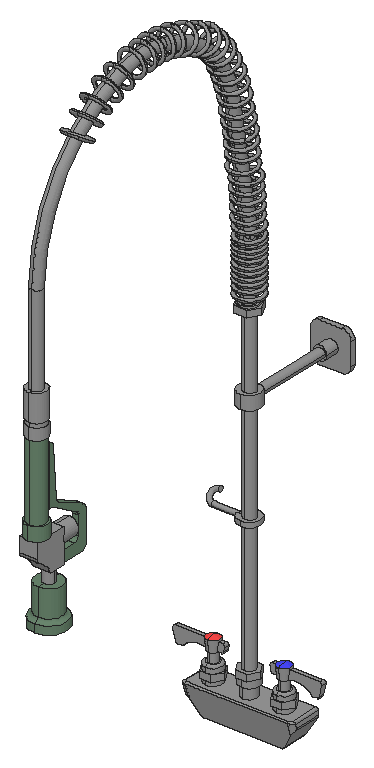
Revit family "Krowne_17-124WL_WallMount_Pre-Rinse_Faucet", category Plumbing Fixtures, Revit 2018
Family settings
  Round Connector Dimension = Use Diameter
  Part Type = Normal
  OmniClass Number = 23.40.40.00
  OmniClass Title = Food Service Equipment and Furnishings
  Work Plane-Based = No
  Always vertical = Yes
  Cut with Voids When Loaded = No
  Shared = No
  Room Calculation Point = No
Parameters (values of type "17-124WL")
  Width = 8 5/16"
  Weight in Pounds = 12
  Watermarked By = ""
  URL Cutsheet = ""
  URL = "https://krowne.com/"
  Status [instance] = ""
  Specification by User [instance] = ""
  Specification by Manufacturer [instance] = ""
  Serial Number [instance] = ""
  Revision Code [instance] = ""
  NAFEM Spec ID Number [instance] = ""
  Model = "17-124WL"
  Masterspec [instance] = ""
  Manufacturer = "Krowne Metal"
  Item Number [instance] = "-"
  Installed By [instance] = ""
  Hot Water Temperature = 100 °F
  Hot Water Size = 1/2"
  Hot Water RI Height [instance] = 0"
  Hot Water Flow = 1.15 GPM
  Hot Water Connection Height = 0"
  Height = 36"
  Furnished By [instance] = ""
  Foodservice Equipment Identifier = yes
  Description = "4\" Center Wall Mount Pre-Rinse"
  Depth = 4 1/4"
  Cold Water Size = 1/2"
  Cold Water RI Height [instance] = 0"
  Cold Water Flow = 1.15 GPM
  Cold Water Consumption = ""
  Cold Water Connection Height = 0"
  CSI MasterFormat = ""
  Assembly Code = "E1090300"
Reference planes (in)
  plane 1 "BACK": y = 0
  plane 2: z = 0
  plane 3 "CENTER L/R": x = -12.56573
  plane 4: y = -0.9375
  plane 5: y = -15
  plane 6 "CENTER L/S": x = -10.56573
  plane 7 "CENTER L/T": x = -14.56573
  plane 8 "CENTER L/U": x = -8.40948
  plane 9 "CENTER L/V": x = -16.72198
  plane 10: z = 9.75
  plane 11: z = 18
  plane 12: z = 37.75
  plane 13: z = 1.75
Forms (in)
  Blend 1, solid, material "QF_Steel-Chrome-Polished"
    base sketch origin (-0.1875, 0, 0) x (1, 0, 0) y (0, 1, 0)
      loop
        line (-15.50323, 0) -> (-15.50323, -1.125)
        arc (-15.50323, -1.125) -> (-15.43, -1.30178) -> (-15.25323, -1.375) r 0.25
        line (-15.25323, -1.375) -> (-9.50323, -1.375)
        arc (-9.50323, -1.375) -> (-9.32645, -1.30178) -> (-9.25323, -1.125) r 0.25
        line (-9.25323, -1.125) -> (-9.25323, 0) -> (-15.50323, 0)
    top sketch origin (-0.1875, 0, 0) x (1, 0, 0) y (0, 1, 0)
      loop
        line (-15.50323, 0) -> (-15.50323, -1.625)
        arc (-15.50323, -1.625) -> (-15.43, -1.80178) -> (-15.25323, -1.875) r 0.25
        line (-15.25323, -1.875) -> (-9.50323, -1.875)
        arc (-9.50323, -1.875) -> (-9.32645, -1.80178) -> (-9.25323, -1.625) r 0.25
        line (-9.25323, -1.625) -> (-9.25323, 0) -> (-15.50323, 0)
    from 0 to 1.75
  Extrusion 2, void
    sketch origin (-0.1875, 0, 0) x (1, 0, 0) y (0, 0, 1)
      loop
        line (-15.50323, 0) -> (-14.52299, 0)
        arc (-14.52299, 0) -> (-14.64278, 0.03057) -> (-14.73328, 0.11481) r 0.25
        line (-14.73328, 0.11481) -> (-15.46352, 1.25074)
        arc (-15.46352, 1.25074) -> (-15.49309, 1.31548) -> (-15.50323, 1.38593) r 0.25
        line (-15.50323, 1.38593) -> (-15.50323, 0)
      loop
        line (-9.25323, 0) -> (-9.25323, 1.38593)
        arc (-9.25323, 1.38593) -> (-9.26336, 1.31548) -> (-9.29293, 1.25074) r 0.25
        line (-9.29293, 1.25074) -> (-10.02317, 0.11481)
        arc (-10.02317, 0.11481) -> (-10.11367, 0.03057) -> (-10.23346, 0) r 0.25
        line (-10.23346, 0) -> (-9.25323, 0)
    from 0 to 1.875
  Sweep 3, void
    path in 3D
      loop
        line (-9.44073, 0, 1.75) -> (-9.44073, -1.625, 1.75)
        arc (-9.44073, -1.625, 1.75) -> (-9.51395, -1.80178, 1.75) -> (-9.69073, -1.875, 1.75) r 0.25
        line (-9.69073, -1.875, 1.75) -> (-15.44073, -1.875, 1.75)
        arc (-15.44073, -1.875, 1.75) -> (-15.6175, -1.80178, 1.75) -> (-15.69073, -1.625, 1.75) r 0.25
        line (-15.69073, -1.625, 1.75) -> (-15.69073, 0, 1.75)
    profile origin (-12.56573, -1.875, 1.75) x (0, -1, 0) y (0, 0, 1)
      loop
        line (0, 0) -> (-0.125, 0)
        arc (-0.125, 0) -> (-0.03661, -0.03661) -> (0, -0.125) r 0.125
        line (0, -0.125) -> (0, 0)
  Extrusion 4, solid, material "QF_Steel-Chrome-Polished"
    sketch origin (-0.21875, 0, 1.75) x (0, 1, 0) y (-1, 0, 0)
      loop
        circle (-0.9375, 14.37823) r 0.5
      loop
        circle (-0.9375, 10.37823) r 0.5
    from 0 to 0.25
  Extrusion 5, solid, material "QF_Steel-Chrome-Polished"
    sketch origin (-0.21875, 0, 2) x (0, 1, 0) y (-1, 0, 0)
      loop
        line (-0.9375, 13.74356) -> (-0.38786, 14.06089) -> (-0.38786, 14.69556) -> (-0.9375, 15.01289) -> (-1.48714, 14.69556) -> (-1.48714, 14.06089) -> (-0.9375, 13.74356)
      loop
        line (-0.9375, 9.74356) -> (-0.38786, 10.06089) -> (-0.38786, 10.69556) -> (-0.9375, 11.01289) -> (-1.48714, 10.69556) -> (-1.48714, 10.06089) -> (-0.9375, 9.74356)
    from 0 to 0.375
  Revolve 6, solid, material "QF_Steel-Chrome-Polished"
    sketch origin (-14.59698, 0, 0) x (0, 1, 0) y (0, 0, 1)
      loop
        line (-0.9375, 2.375) -> (-0.4375, 2.375) -> (-0.4375, 2.625)
        arc (-0.4375, 2.625) -> (-0.47411, 2.71339) -> (-0.5625, 2.75) r 0.125
        line (-0.5625, 2.75) -> (-0.9375, 2.75) -> (-0.9375, 2.375)
      axis (-0.9375, 2.375) -> (-0.9375, 2.75)
    angle from 0 to 360
  Revolve 7, solid, material "QF_Steel-Chrome-Polished"
    sketch origin (-10.59698, 0, 0) x (0, 1, 0) y (0, 0, 1)
      loop
        line (-0.9375, 2.375) -> (-0.4375, 2.375) -> (-0.4375, 2.625)
        arc (-0.4375, 2.625) -> (-0.47411, 2.71339) -> (-0.5625, 2.75) r 0.125
        line (-0.5625, 2.75) -> (-0.9375, 2.75) -> (-0.9375, 2.375)
      axis (-0.9375, 2.375) -> (-0.9375, 2.75)
    angle from 0 to 360
  Revolve 8, solid, material "QF_Steel-Chrome-Polished"
    sketch origin (-10.59698, 0, 0) x (0, 1, 0) y (0, 0, 1)
      loop
        line (-0.9375, 2.75) -> (-0.6875, 2.75) -> (-0.6875, 3.3125) -> (-0.9375, 3.3125) -> (-0.9375, 2.75)
      axis (-0.9375, 2.75) -> (-0.9375, 3.3125)
    angle from 0 to 360
  Revolve 9, solid, material "QF_Steel-Chrome-Polished"
    sketch origin (-14.59698, 0, 0) x (0, 1, 0) y (0, 0, 1)
      loop
        line (-0.9375, 2.75) -> (-0.6875, 2.75) -> (-0.6875, 3.3125) -> (-0.9375, 3.3125) -> (-0.9375, 2.75)
      axis (-0.9375, 2.75) -> (-0.9375, 3.3125)
    angle from 0 to 360
  Revolve 10, solid, material "QF_Steel-Chrome-Polished"
    sketch origin (-14.59698, 0, 0) x (0, 1, 0) y (0, 0, 1)
      loop
        line (-0.9375, 3.3125) -> (-0.625, 3.3125) -> (-0.5625, 3.9375) -> (-0.9375, 3.9375) -> (-0.9375, 3.3125)
      axis (-0.9375, 3.3125) -> (-0.9375, 3.9375)
    angle from 0 to 360
  Revolve 11, solid, material "QF_Steel-Chrome-Polished"
    sketch origin (-10.59698, 0, 0) x (0, 1, 0) y (0, 0, 1)
      loop
        line (-0.9375, 3.3125) -> (-0.625, 3.3125) -> (-0.5625, 3.9375) -> (-0.9375, 3.9375) -> (-0.9375, 3.3125)
      axis (-0.9375, 3.3125) -> (-0.9375, 3.9375)
    angle from 0 to 360
  Revolve 12, solid, material "QF_Plastic-Red"
    sketch origin (-14.59698, 0, 0) x (0, 1, 0) y (0, 0, 1)
      loop
        line (-0.9375, 3.9375) -> (-0.5625, 3.9375)
        arc (-0.5625, 3.9375) -> (-0.73829, 4.03513) -> (-0.9375, 4.0625) r 0.54601
        line (-0.9375, 4.0625) -> (-0.9375, 3.9375)
      axis (-0.9375, 3.9375) -> (-0.9375, 4.0625)
    angle from 0 to 360
  Revolve 13, solid, material "QF_Plastic-Blue"
    sketch origin (-10.59698, 0, 0) x (0, 1, 0) y (0, 0, 1)
      loop
        line (-0.9375, 3.9375) -> (-0.5625, 3.9375)
        arc (-0.5625, 3.9375) -> (-0.73829, 4.03513) -> (-0.9375, 4.0625) r 0.54601
        line (-0.9375, 4.0625) -> (-0.9375, 3.9375)
      axis (-0.9375, 3.9375) -> (-0.9375, 4.0625)
    angle from 0 to 360
  Extrusion 14, solid, material "QF_Steel-Chrome-Polished"
    sketch origin (-0.1875, -0.9375, 0) x (1, 0, 0) y (0, 0, 1)
      loop
        arc (-16.43825, 3.875) -> (-16.53492, 3.82925) -> (-16.56082, 3.72549) r 0.125
        line (-16.56082, 3.72549) -> (-16.43584, 3.10053)
        arc (-16.43584, 3.10053) -> (-16.39251, 3.02837) -> (-16.31326, 3.00004) r 0.125
        line (-16.31326, 3.00004) -> (-16.06338, 3.00004)
        arc (-16.06338, 3.00004) -> (-16.01059, 3.01173) -> (-15.96768, 3.04462) r 0.125
        arc (-15.96768, 3.04462) -> (-15.39497, 3.40979) -> (-14.7163, 3.38199) r 1.13354
        arc (-14.7163, 3.38199) -> (-14.69547, 3.37648) -> (-14.674, 3.37462) r 0.125
        line (-14.674, 3.37462) -> (-13.83077, 3.37462)
        arc (-13.83077, 3.37462) -> (-13.75152, 3.40295) -> (-13.7082, 3.47511) r 0.125
        line (-13.7082, 3.47511) -> (-13.65813, 3.72549)
        arc (-13.65813, 3.72549) -> (-13.68403, 3.82925) -> (-13.7807, 3.875) r 0.125
        line (-13.7807, 3.875) -> (-16.43825, 3.875)
      loop
        line (-8.3182, 3.875) -> (-10.97575, 3.875)
        arc (-10.97575, 3.875) -> (-11.07242, 3.82925) -> (-11.09832, 3.72549) r 0.125
        line (-11.09832, 3.72549) -> (-11.04825, 3.47511)
        arc (-11.04825, 3.47511) -> (-11.00493, 3.40295) -> (-10.92568, 3.37462) r 0.125
        line (-10.92568, 3.37462) -> (-10.08245, 3.37462)
        arc (-10.08245, 3.37462) -> (-10.06098, 3.37648) -> (-10.04015, 3.38199) r 0.125
        arc (-10.04015, 3.38199) -> (-9.36148, 3.40979) -> (-8.78877, 3.04462) r 1.13354
        arc (-8.78877, 3.04462) -> (-8.74586, 3.01173) -> (-8.69307, 3.00004) r 0.125
        line (-8.69307, 3.00004) -> (-8.44319, 3.00004)
        arc (-8.44319, 3.00004) -> (-8.36394, 3.02837) -> (-8.32061, 3.10053) r 0.125
        line (-8.32061, 3.10053) -> (-8.19563, 3.72549)
        arc (-8.19563, 3.72549) -> (-8.22153, 3.82925) -> (-8.3182, 3.875) r 0.125
    from -0.125 to 0.125
  Extrusion 15, solid, material "QF_Steel-Chrome-Polished"
    sketch origin (-0.1875, 0, 0) x (1, 0, 0) y (0, 0, 1)
      loop
        circle (-14.37823, 0.875) r 0.25
      loop
        circle (-10.37823, 0.875) r 0.25
    from 0 to -0.25
  Extrusion 16, solid, material "QF_Steel-Chrome-Polished"
    sketch origin (-12.56573, -0.93695, -0.09142) x (0, -1, 0) y (1, 0, 0)
      loop
        circle (0, 0) r 0.34
    from 3.21642 to 22.66293
  Revolve 17, solid, material "QF_Plastic-Hunter Green"
    sketch origin (-12.56573, -2.17856, -2.40078) x (0, -1, 0) y (0, 0, 1)
      loop
        line (13.735, 18.775) -> (14.36, 18.775) -> (14.36, 19.525) -> (14.235, 19.525) -> (14.235, 23.8375) -> (13.735, 23.8375) -> (13.735, 18.775)
      axis (13.735, 18.775) -> (13.735, 23.8375)
    angle from 0 to 360
  Sweep 18, solid, material "QF_Steel-Chrome-Polished"
    path origin (-12.56573, -0.93695, -0.09142) x (0, -1, 0) y (0, 0, 1)
      loop
        line (14.97661, 23.90314) -> (14.97661, 28.97682)
        arc (14.97661, 28.97682) -> (13.32386, 34.08275) -> (8.99261, 37.25171) r 8.71341
        arc (8.99261, 37.25171) -> (7.63531, 37.49897) -> (6.2621, 37.36589) r 5
        arc (6.2621, 37.36589) -> (5.2285, 37.04462) -> (4.2465, 36.58942) r 8.16291
        arc (4.2465, 36.58942) -> (2.24397, 34.81418) -> (1.21248, 32.34486) r 6
        line (1.21248, 32.34486) -> (0.0873, 25.82095)
        arc (0.0873, 25.82095) -> (0.02186, 25.31293) -> (0, 24.80118) r 6
        line (0, 24.80118) -> (0, 22.66293)
    profile origin (-12.56573, -15.91356, 26.34856) x (0, 1, 0) y (-1, 0, 0)
      loop
        circle (0, 0) r 0.33984
  Sweep 19, solid, material "QF_Steel-Chrome-Polished"
    path origin (-12.56573, 8.55153, 20.47393) x (1, 0, 0) y (0, -0.694658, -0.71934)
      loop
        line (-0.03125, 13.66) -> (-2.03125, 13.66)
        arc (-2.03125, 13.66) -> (-2.40625, 13.285) -> (-2.03125, 12.91) r 0.375
    profile origin (-13.59698, -0.9375, 10.64775) x (0, 0.694658, 0.71934) y (0, 0.71934, -0.694658)
      loop
        circle (0, 0) r 0.125
  Sweep 20, solid, material "QF_Steel-Chrome-Polished"
    path origin (-12.56573, -29.49856, -2.40078) x (0, 1, 0) y (0, 0, -1)
      loop
        line (14.46, -16.8375) -> (14.46, -16.0875)
    profile origin (-12.56573, -15.03856, 14.06172) x (-1, 0, 0) y (0, -1, 0)
      loop
        circle (0, 0) r 0.3125
  Revolve 21, solid, material "QF_Plastic-Hunter Green"
    sketch origin (-12.56573, -29.49856, -2.40078) x (0, 1, 0) y (0, 0, -1)
      loop
        line (14.46, -16.0875) -> (15.21, -16.0875) -> (15.21, -14.5875)
        arc (15.21, -14.5875) -> (15.28322, -14.41072) -> (15.46, -14.3375) r 0.25
        line (15.46, -14.3375) -> (15.46, -13.9) -> (14.46, -13.9) -> (14.46, -16.0875)
      axis (14.46, -13.9) -> (14.46, -16.0875)
    angle from 0 to 360
  Extrusion 22, solid, material "QF_Plastic-Hunter Green"
    sketch origin (-12.56573, -29.49856, -2.40078) x (0, 1, 0) y (0, 0, -1)
      loop
        arc (15.335, -16.71016) -> (15.02261, -17.01446) -> (15.31861, -17.33473) r 0.3125
        line (15.31861, -17.33473) -> (16.06861, -17.33473)
        arc (16.06861, -17.33473) -> (16.24539, -17.40795) -> (16.31861, -17.58473) r 0.25
        line (16.31861, -17.58473) -> (16.31861, -18.62984)
        arc (16.31861, -18.62984) -> (16.28585, -18.75357) -> (16.19614, -18.84486) r 0.25
        line (16.19614, -18.84486) -> (14.5225, -19.8375) -> (14.2725, -19.8375) -> (14.2725, -23.15)
        arc (14.2725, -23.15) -> (14.44928, -23.07678) -> (14.5225, -22.9) r 0.25
        line (14.5225, -22.9) -> (14.73264, -20.16098)
        arc (14.73264, -20.16098) -> (14.77513, -20.0396) -> (14.87232, -19.9554) r 0.25
        line (14.87232, -19.9554) -> (16.56935, -19.12771)
        arc (16.56935, -19.12771) -> (16.77419, -18.94327) -> (16.85017, -18.67831) r 0.5
        line (16.85017, -18.67831) -> (16.85017, -16.97532) -> (16.585, -16.71016) -> (15.335, -16.71016)
    from -0.17817 to 0.15894
  Revolve 23, solid, material "QF_Steel-Chrome-Polished"
    sketch origin (-12.56573, -29.49856, -2.40078) x (0, 1, 0) y (0, 0, -1)
      loop
        line (14.8975, -18.7125) -> (15.8975, -18.7125) -> (15.8975, -18.4625) -> (16.0225, -18.4625) -> (16.0225, -18.2125) -> (14.8975, -18.2125) -> (14.8975, -18.7125)
      axis (16.0225, -18.2125) -> (14.8975, -18.2125)
    angle from 0 to 360
  Sweep 24, solid, material "QF_Steel-Chrome-Polished"
    path origin (-12.56573, -0.93695, 22.00108) x (0, -1, 0) y (1, 0, 0)
      loop
        circle (0, 0) r 0.72
    profile origin (-11.84573, -0.93695, 22.00108) x (-1, 0, 0) y (0, 0, 1)
      loop
        circle (0, 0) r 0.08178
  Sweep 25, solid, material "QF_Steel-Chrome-Polished"
    path origin (-12.56573, -0.93695, 22.75108) x (0, -1, 0) y (1, 0, 0)
      loop
        circle (0, 0) r 0.72
    profile origin (-11.84573, -0.93695, 22.75108) x (-1, 0, 0) y (0, 0, 1)
      loop
        circle (0, 0) r 0.08178
  Sweep 26, solid, material "QF_Steel-Chrome-Polished"
    path origin (-12.56573, -0.93695, 23.31358) x (0, -1, 0) y (1, 0, 0)
      loop
        circle (0, 0) r 0.72
    profile origin (-11.84573, -0.93695, 23.31358) x (-1, 0, 0) y (0, 0, 1)
      loop
        circle (0, 0) r 0.08178
  Sweep 27, solid, material "QF_Steel-Chrome-Polished"
    path origin (-12.56573, -0.93695, 23.93858) x (0, -1, 0) y (1, 0, 0)
      loop
        circle (0, 0) r 0.72
    profile origin (-11.84573, -0.93695, 23.93858) x (-1, 0, 0) y (0, 0, 1)
      loop
        circle (0, 0) r 0.08178
  Sweep 28, solid, material "QF_Steel-Chrome-Polished"
    path origin (-12.56573, -0.93695, 24.43858) x (0, -1, 0) y (1, 0, 0)
      loop
        circle (0, 0) r 0.72
    profile origin (-11.84573, -0.93695, 24.43858) x (-1, 0, 0) y (0, 0, 1)
      loop
        circle (0, 0) r 0.08178
  Sweep 29, solid, material "QF_Steel-Chrome-Polished"
    path origin (-12.56573, -0.93695, 24.93858) x (0, -0.997564, -0.069756) y (1, 0, 0)
      loop
        circle (0, 0) r 0.72
    profile origin (-11.84573, -0.93695, 24.93858) x (-1, 0, 0) y (0, -0.069756, 0.997564)
      loop
        circle (0, 0) r 0.08178
  Sweep 30, solid, material "QF_Steel-Chrome-Polished"
    path origin (-12.56573, -0.93695, 25.43858) x (0, -0.99863, -0.052336) y (1, 0, 0)
      loop
        circle (0, 0) r 0.72
    profile origin (-11.84573, -0.93695, 25.43858) x (-1, 0, 0) y (0, -0.052336, 0.99863)
      loop
        circle (0, 0) r 0.08178
  Sweep 31, solid, material "QF_Steel-Chrome-Polished"
    path origin (-12.56573, -1.02378, 25.93098) x (0, -0.997564, -0.069756) y (1, 0, 0)
      loop
        circle (0, 0) r 0.72
    profile origin (-11.84573, -1.02378, 25.93098) x (-1, 0, 0) y (0, -0.069756, 0.997564)
      loop
        circle (0, 0) r 0.08178
  Sweep 32, solid, material "QF_Steel-Chrome-Polished"
    path origin (-12.56573, -1.04407, 26.4384) x (0, -0.997564, -0.069756) y (1, 0, 0)
      loop
        circle (0, 0) r 0.72
    profile origin (-11.84573, -1.04407, 26.4384) x (-1, 0, 0) y (0, -0.069756, 0.997564)
      loop
        circle (0, 0) r 0.08178
  Sweep 33, solid, material "QF_Steel-Chrome-Polished"
    path origin (-12.56573, -1.06437, 26.94581) x (0, -0.997564, -0.069756) y (1, 0, 0)
      loop
        circle (0, 0) r 0.72
    profile origin (-11.84573, -1.06437, 26.94581) x (-1, 0, 0) y (0, -0.069756, 0.997564)
      loop
        circle (0, 0) r 0.08178
  Sweep 34, solid, material "QF_Steel-Chrome-Polished"
    path origin (-12.56573, -1.12526, 27.45323) x (0, -0.997564, -0.069756) y (1, 0, 0)
      loop
        circle (0, 0) r 0.72
    profile origin (-11.84573, -1.12526, 27.45323) x (-1, 0, 0) y (0, -0.069756, 0.997564)
      loop
        circle (0, 0) r 0.08178
  Sweep 35, solid, material "QF_Steel-Chrome-Polished"
    path origin (-12.56573, -1.14556, 27.98094) x (0, -0.997564, -0.069756) y (1, 0, 0)
      loop
        circle (0, 0) r 0.72
    profile origin (-11.84573, -1.14556, 27.98094) x (-1, 0, 0) y (0, -0.069756, 0.997564)
      loop
        circle (0, 0) r 0.08178
  Sweep 36, solid, material "QF_Steel-Chrome-Polished"
    path origin (-12.56573, -1.36705, 28.65073) x (0, -0.992546, -0.121869) y (1, 0, 0)
      loop
        circle (0, 0) r 0.72
    profile origin (-11.84573, -1.36705, 28.65073) x (-1, 0, 0) y (0, -0.121869, 0.992546)
      loop
        circle (0, 0) r 0.08178
  Sweep 37, solid, material "QF_Steel-Chrome-Polished"
    path origin (-12.56573, -1.40764, 29.27993) x (0, -0.997564, -0.069756) y (1, 0, 0)
      loop
        circle (0, 0) r 0.72
    profile origin (-11.84573, -1.40764, 29.27993) x (-1, 0, 0) y (0, -0.069756, 0.997564)
      loop
        circle (0, 0) r 0.08178
  Sweep 38, solid, material "QF_Steel-Chrome-Polished"
    path origin (-12.56573, -1.48883, 29.88882) x (0, -0.987688, -0.156434) y (1, 0, 0)
      loop
        circle (0, 0) r 0.72
    profile origin (-11.84573, -1.48883, 29.88882) x (-1, 0, 0) y (0, -0.156434, 0.987688)
      loop
        circle (0, 0) r 0.08178
  Sweep 39, solid, material "QF_Steel-Chrome-Polished"
    path origin (-12.56573, -1.52942, 30.41654) x (0, -0.978148, -0.207912) y (1, 0, 0)
      loop
        circle (0, 0) r 0.72
    profile origin (-11.84573, -1.52942, 30.41654) x (-1, 0, 0) y (0, -0.207912, 0.978148)
      loop
        circle (0, 0) r 0.08178
  Sweep 40, solid, material "QF_Steel-Chrome-Polished"
    path origin (-12.56573, -1.66755, 31.06112) x (0, -0.984808, -0.173648) y (1, 0, 0)
      loop
        circle (0, 0) r 0.72
    profile origin (-11.84573, -1.66755, 31.06112) x (-1, 0, 0) y (0, -0.173648, 0.984808)
      loop
        circle (0, 0) r 0.08178
  Sweep 41, solid, material "QF_Steel-Chrome-Polished"
    path origin (-12.56573, -1.83637, 31.69035) x (0, -0.990268, -0.139173) y (1, 0, 0)
      loop
        circle (0, 0) r 0.72
    profile origin (-11.84573, -1.83637, 31.69035) x (-1, 0, 0) y (0, -0.139173, 0.990268)
      loop
        circle (0, 0) r 0.08178
  Sweep 42, solid, material "QF_Steel-Chrome-Polished"
    path origin (-12.56573, -1.95696, 32.41167) x (0, -0.978148, -0.207912) y (1, 0, 0)
      loop
        circle (0, 0) r 0.72
    profile origin (-11.84573, -1.95696, 32.41167) x (-1, 0, 0) y (0, -0.207912, 0.978148)
      loop
        circle (0, 0) r 0.08178
  Sweep 43, solid, material "QF_Steel-Chrome-Polished"
    path origin (-12.56573, -2.1511, 33.06469) x (0, -0.978148, -0.207912) y (1, 0, 0)
      loop
        circle (0, 0) r 0.72
    profile origin (-11.84573, -2.1511, 33.06469) x (-1, 0, 0) y (0, -0.207912, 0.978148)
      loop
        circle (0, 0) r 0.08178
  Sweep 44, solid, material "QF_Steel-Chrome-Polished"
    path origin (-12.56573, -2.39009, 33.73536) x (0, -0.951057, -0.309017) y (1, 0, 0)
      loop
        circle (0, 0) r 0.72
    profile origin (-11.84573, -2.39009, 33.73536) x (-1, 0, 0) y (0, -0.309017, 0.951057)
      loop
        circle (0, 0) r 0.08178
  Sweep 45, solid, material "QF_Steel-Chrome-Polished"
    path origin (-12.56573, -2.71733, 34.42368) x (0, -0.927184, -0.374607) y (1, 0, 0)
      loop
        circle (0, 0) r 0.72
    profile origin (-11.84573, -2.71733, 34.42368) x (-1, 0, 0) y (0, -0.374607, 0.927184)
      loop
        circle (0, 0) r 0.08178
  Sweep 46, solid, material "QF_Steel-Chrome-Polished"
    path origin (-12.56573, -3.07032, 35.09435) x (0, -0.848048, -0.529919) y (1, 0, 0)
      loop
        circle (0, 0) r 0.72
    profile origin (-11.84573, -3.07032, 35.09435) x (-1, 0, 0) y (0, -0.529919, 0.848048)
      loop
        circle (0, 0) r 0.08178
  Sweep 47, solid, material "QF_Steel-Chrome-Polished"
    path origin (-12.56573, -3.51155, 35.62383) x (0, -0.745676, -0.666309) y (1, 0, 0)
      loop
        circle (0, 0) r 0.72
    profile origin (-11.84573, -3.51155, 35.62383) x (-1, 0, 0) y (0, -0.666309, 0.745676)
      loop
        circle (0, 0) r 0.08178
  Sweep 48, solid, material "QF_Steel-Chrome-Polished"
    path origin (-12.56573, -4.02338, 36.11801) x (0, -0.632262, -0.774755) y (1, 0, 0)
      loop
        circle (0, 0) r 0.72
    profile origin (-11.84573, -4.02338, 36.11801) x (-1, 0, 0) y (0, -0.774755, 0.632262)
      loop
        circle (0, 0) r 0.08178
  Sweep 49, solid, material "QF_Steel-Chrome-Polished"
    path origin (-12.56573, -4.72125, 36.49674) x (0, -0.434326, -0.900756) y (1, 0, 0)
      loop
        circle (0, 0) r 0.72
    profile origin (-11.84573, -4.72125, 36.49674) x (-1, 0, 0) y (0, -0.900756, 0.434326)
      loop
        circle (0, 0) r 0.08178
  Sweep 50, solid, material "QF_Steel-Chrome-Polished"
    path origin (-12.56573, -5.61326, 36.87547) x (0, -0.434326, -0.900756) y (1, 0, 0)
      loop
        circle (0, 0) r 0.72
    profile origin (-11.84573, -5.61326, 36.87547) x (-1, 0, 0) y (0, -0.900756, 0.434326)
      loop
        circle (0, 0) r 0.08178
  Sweep 51, solid, material "QF_Steel-Chrome-Polished"
    path origin (-12.56573, -6.44278, 37.15786) x (0, -0.134719, -0.990884) y (1, 0, 0)
      loop
        circle (0, 0) r 0.72
    profile origin (-11.84573, -6.44278, 37.15786) x (-1, 0, 0) y (0, -0.990884, 0.134719)
      loop
        circle (0, 0) r 0.08178
  Sweep 52, solid, material "QF_Steel-Chrome-Polished"
    path origin (-12.56573, -7.1311, 37.2814) x (0, -0.065271, -0.997868) y (1, 0, 0)
      loop
        circle (0, 0) r 0.72
    profile origin (-11.84573, -7.1311, 37.2814) x (-1, 0, 0) y (0, -0.997868, 0.065271)
      loop
        circle (0, 0) r 0.08178
  Sweep 53, solid, material "QF_Steel-Chrome-Polished"
    path origin (-12.56573, -7.86281, 37.34245) x (0, 0.027071, -0.999634) y (1, 0, 0)
      loop
        circle (0, 0) r 0.72
    profile origin (-11.84573, -7.86281, 37.34245) x (-1, 0, 0) y (0, -0.999634, -0.027071)
      loop
        circle (0, 0) r 0.08178
  Sweep 54, solid, material "QF_Steel-Chrome-Polished"
    path origin (-12.56573, -13.02743, 35.24782) x (0, 0.848048, -0.529919) y (-1, 0, 0)
      loop
        circle (0, 0) r 0.72
    profile origin (-11.84573, -13.02743, 35.24782) x (1, 0, 0) y (0, 0.529919, 0.848048)
      loop
        circle (0, 0) r 0.08178
  Sweep 55, solid, material "QF_Steel-Chrome-Polished"
    path origin (-12.56573, -12.38669, 35.85404) x (0, 0.745676, -0.666309) y (-1, 0, 0)
      loop
        circle (0, 0) r 0.72
    profile origin (-11.84573, -12.38669, 35.85404) x (1, 0, 0) y (0, 0.666309, 0.745676)
      loop
        circle (0, 0) r 0.08178
  Sweep 56, solid, material "QF_Steel-Chrome-Polished"
    path origin (-12.56573, -11.72472, 36.30551) x (0, 0.632262, -0.774755) y (-1, 0, 0)
      loop
        circle (0, 0) r 0.72
    profile origin (-11.84573, -11.72472, 36.30551) x (1, 0, 0) y (0, 0.774755, 0.632262)
      loop
        circle (0, 0) r 0.08178
  Sweep 57, solid, material "QF_Steel-Chrome-Polished"
    path origin (-12.56573, -10.9331, 36.68424) x (0, 0.434326, -0.900756) y (-1, 0, 0)
      loop
        circle (0, 0) r 0.72
    profile origin (-11.84573, -10.9331, 36.68424) x (1, 0, 0) y (0, 0.900756, 0.434326)
      loop
        circle (0, 0) r 0.08178
  Sweep 58, solid, material "QF_Steel-Chrome-Polished"
    path origin (-12.56573, -10.10358, 36.96922) x (0, 0.386588, -0.922252) y (-1, 0, 0)
      loop
        circle (0, 0) r 0.72
    profile origin (-11.84573, -10.10358, 36.96922) x (1, 0, 0) y (0, 0.922252, 0.386588)
      loop
        circle (0, 0) r 0.08178
  Sweep 59, solid, material "QF_Steel-Chrome-Polished"
    path origin (-12.56573, -9.18032, 37.22036) x (0, 0.134719, -0.990884) y (-1, 0, 0)
      loop
        circle (0, 0) r 0.72
    profile origin (-11.84573, -9.18032, 37.22036) x (1, 0, 0) y (0, 0.990884, 0.134719)
      loop
        circle (0, 0) r 0.08178
  Sweep 60, solid, material "QF_Steel-Chrome-Polished"
    path origin (-12.56573, -8.4295, 37.2814) x (0, 0.065271, -0.997868) y (-1, 0, 0)
      loop
        circle (0, 0) r 0.72
    profile origin (-11.84573, -8.4295, 37.2814) x (1, 0, 0) y (0, 0.997868, 0.065271)
      loop
        circle (0, 0) r 0.08178
  Sweep 61, solid, material "QF_Steel-Chrome-Polished"
    path origin (-12.56573, -0.93695, 22.38845) x (0, -1, 0) y (1, 0, 0)
      loop
        circle (0, 0) r 0.72
    profile origin (-11.84573, -0.93695, 22.38845) x (-1, 0, 0) y (0, 0, 1)
      loop
        circle (0, 0) r 0.08178
  Sweep 62, solid, material "QF_Steel-Chrome-Polished"
    path origin (-12.56573, -0.93695, 23.01345) x (0, -1, 0) y (1, 0, 0)
      loop
        circle (0, 0) r 0.72
    profile origin (-11.84573, -0.93695, 23.01345) x (-1, 0, 0) y (0, 0, 1)
      loop
        circle (0, 0) r 0.08178
  Sweep 63, solid, material "QF_Steel-Chrome-Polished"
    path origin (-12.56573, -0.93695, 23.57595) x (0, -1, 0) y (1, 0, 0)
      loop
        circle (0, 0) r 0.72
    profile origin (-11.84573, -0.93695, 23.57595) x (-1, 0, 0) y (0, 0, 1)
      loop
        circle (0, 0) r 0.08178
  Sweep 64, solid, material "QF_Steel-Chrome-Polished"
    path origin (-12.56573, -0.93695, 24.20095) x (0, -1, 0) y (1, 0, 0)
      loop
        circle (0, 0) r 0.72
    profile origin (-11.84573, -0.93695, 24.20095) x (-1, 0, 0) y (0, 0, 1)
      loop
        circle (0, 0) r 0.08178
  Sweep 65, solid, material "QF_Steel-Chrome-Polished"
    path origin (-12.56573, -0.93695, 24.70095) x (0, -1, 0) y (1, 0, 0)
      loop
        circle (0, 0) r 0.72
    profile origin (-11.84573, -0.93695, 24.70095) x (-1, 0, 0) y (0, 0, 1)
      loop
        circle (0, 0) r 0.08178
  Extrusion 66, solid, material "QF_Steel-Chrome-Polished"
    sketch origin (-0.21875, -0.9375, 16.40858) x (0, 1, 0) y (-1, 0, 0)
      loop
        circle (0.00055, 12.34698) r 0.625
      loop
        circle (0.00055, 12.34698) r 0.34
    from 0 to 0.75
  Extrusion 67, solid, material "QF_Steel-Chrome-Polished"
    sketch origin (-0.1875, 5.0625, -0.09142) x (1, 0, 0) y (0, 0, 1)
      loop
        line (-11.75323, 18) -> (-13.00323, 18)
        arc (-13.00323, 18) -> (-13.35678, 17.85355) -> (-13.50323, 17.5) r 0.5
        line (-13.50323, 17.5) -> (-13.50323, 16.25)
        arc (-13.50323, 16.25) -> (-13.35678, 15.89645) -> (-13.00323, 15.75) r 0.5
        line (-13.00323, 15.75) -> (-11.75323, 15.75)
        arc (-11.75323, 15.75) -> (-11.39967, 15.89645) -> (-11.25323, 16.25) r 0.5
        line (-11.25323, 16.25) -> (-11.25323, 17.5)
        arc (-11.25323, 17.5) -> (-11.39967, 17.85355) -> (-11.75323, 18) r 0.5
    from 0 to 0.25
  Extrusion 68, solid, material "QF_Steel-Chrome-Polished"
    sketch origin (-0.1875, 4.8125, -0.09142) x (1, 0, 0) y (0, 0, 1)
      loop
        circle (-12.37823, 16.875) r 0.375
    from 0 to 0.75
  Extrusion 69, solid, material "QF_Steel-Chrome-Polished"
    sketch origin (-0.1875, 4.0625, -0.09142) x (1, 0, 0) y (0, 0, 1)
      loop
        circle (-12.37823, 16.875) r 0.25
    from 0 to 4.5
  Extrusion 70, solid, material "QF_Steel-Chrome-Polished"
    sketch origin (-12.59698, -0.9375, -1.05937) x (0, 1, 0) y (0, 0, 1)
      loop
        line (-13.66356, 15.4961) -> (-13.66356, 17.4336) -> (-15.47606, 17.4336) -> (-15.47606, 16.5586)
        arc (-15.47606, 16.5586) -> (-15.44221, 16.43298) -> (-15.34983, 16.34139) r 0.25
        arc (-15.34983, 16.34139) -> (-14.88291, 15.97756) -> (-14.53856, 15.4961) r 2.0625
        line (-14.53856, 15.4961) -> (-13.66356, 15.4961)
    from -0.5 to 0.5
  Revolve 71, solid, material "QF_Steel-Chrome-Polished"
    sketch origin (-12.56573, -2.17856, -2.40078) x (0, -1, 0) y (0, 0, 1)
      loop
        line (13.735, 23.8375) -> (14.2975, 23.8375) -> (14.2975, 24.4625) -> (14.235, 24.4625) -> (14.235, 24.7125) -> (14.2975, 24.7125) -> (14.2975, 26.2125) -> (13.735, 26.2125) -> (13.735, 23.8375)
      axis (13.735, 23.8375) -> (13.735, 26.2125)
    angle from 0 to 360
  Extrusion 72, solid, material "QF_Steel-Chrome-Polished"
    sketch origin (-0.21875, -0.9375, 10.51528) x (0, 1, 0) y (-1, 0, 0)
      loop
        circle (0.00055, 12.34698) r 0.625
      loop
        circle (0.00055, 12.34698) r 0.34
    from 0 to 0.25
  Extrusion 73, solid, material "QF_Steel-Chrome-Polished"
    sketch origin (0, 0, 1.75) x (0, 1, 0) y (-1, 0, 0)
      loop
        circle (-0.9375, 12.56573) r 0.4375
    from 0 to 0.625
  Extrusion 74, solid, material "QF_Steel-Chrome-Polished"
    sketch origin (0, 0, 2.375) x (0, 1, 0) y (-1, 0, 0)
      loop
        circle (-0.9375, 12.56573) r 0.5625
    from 0 to 0.375
  Extrusion 75, solid, material "QF_Steel-Chrome-Polished"
    sketch origin (0, 0, 2.75) x (0, 1, 0) y (-1, 0, 0)
      loop
        line (-0.9375, 11.91391) -> (-0.37301, 12.23982) -> (-0.37301, 12.89163) -> (-0.9375, 13.21754) -> (-1.50199, 12.89163) -> (-1.50199, 12.23982) -> (-0.9375, 11.91391)
    from 0 to 0.375
  Extrusion 76, solid, material "QF_Steel-Chrome-Polished"
    sketch origin (0, 0, 21.15222) x (0, 1, 0) y (-1, 0, 0)
      loop
        line (-0.9375, 11.84174) -> (-0.31051, 12.20373) -> (-0.31051, 12.92772) -> (-0.9375, 13.28971) -> (-1.56449, 12.92772) -> (-1.56449, 12.20373) -> (-0.9375, 11.84174)
    from 0 to 0.375
  Revolve 77, solid, material "QF_Steel-Chrome-Polished"
    sketch origin (-12.59698, 0, 19.15222) x (0, 1, 0) y (0, 0, 1)
      loop
        line (-0.9375, 2.375) -> (-0.37, 2.375) -> (-0.37, 2.45122) -> (-0.5625, 2.45122) -> (-0.5625, 3.95122) -> (-0.9375, 3.95122) -> (-0.9375, 2.375)
      loop
        line (-0.5625, 5.93198) -> (-0.9375, 5.93198) -> (-0.9375, 5.01593) -> (-0.5625, 5.01593) -> (-0.5625, 5.93198)
      axis (-0.9375, 2.375) -> (-0.9375, 5.93198)
    angle from 0 to 360
  Extrusion 78, solid, material "QF_Steel-Chrome-Polished"
    sketch origin (0, 0, 22.91594) x (0, 1, 0) y (-1, 0, 0)
      loop
        line (-0.9375, 12.05825) -> (-0.49801, 12.31199) -> (-0.49801, 12.81946) -> (-0.9375, 13.0732) -> (-1.37699, 12.81946) -> (-1.37699, 12.31199) -> (-0.9375, 12.05825)
    from 0.1875 to 1.25221
Cuts and joins
  Extrusion 2, Sweep 3 cuts Blend 1
Lines and regions (in)
  symbolic lines
    curve 1: arc (-12.94073, -0.9375, 0) -> (-12.83089, -0.67233, 0) -> (-12.56573, -0.5625, 0) r 0.375
    curve 2: arc (-12.56573, -0.5625, 0) -> (-12.30056, -0.67233, 0) -> (-12.19073, -0.9375, 0) r 0.375
    curve 8: line (-12.94073, -0.9375, 0) -> (-12.94073, -15.9375, 0)
    curve 9: arc (-12.94073, -15.9375, 0) -> (-12.56573, -16.3125, 0) -> (-12.19073, -15.9375, 0) r 0.375
    curve 11: line (-15.69073, 0, 0) -> (-15.69073, -1.60751, 0)
    curve 12: line (-15.44073, -1.85751, 0) -> (-9.6925, -1.85751, 0)
    curve 13: line (-9.4425, -1.60751, 0) -> (-9.4425, 0, 0)
    curve 14: line (-9.4425, 0, 0) -> (-15.69073, 0, 0)
    curve 15: arc (-9.4425, -1.60751, 0) -> (-9.51572, -1.78428, 0) -> (-9.6925, -1.85751, 0) r 0.25
    curve 16: arc (-15.69073, -1.60751, 0) -> (-15.6175, -1.78428, 0) -> (-15.44073, -1.85751, 0) r 0.25
    curve 17: line (-13.36339, -1.09937, 0) -> (-11.73911, -1.09937, 0)
    curve 18: line (-13.36339, -1.31238, 0) -> (-11.73911, -1.31238, 0)
    curve 19: line (-13.36339, -1.56238, 0) -> (-11.73911, -1.56238, 0)
    curve 20: line (-13.36339, -1.81238, 0) -> (-11.73911, -1.81238, 0)
    curve 21: line (-13.36339, -2.06238, 0) -> (-11.73911, -2.06238, 0)
    curve 22: line (-13.36339, -2.31238, 0) -> (-11.73911, -2.31238, 0)
    curve 23: line (-13.36339, -2.56238, 0) -> (-11.73911, -2.56238, 0)
    curve 24: line (-13.36339, -2.81238, 0) -> (-11.73911, -2.81238, 0)
    curve 25: line (-13.36339, -3.06238, 0) -> (-11.73911, -3.06238, 0)
    curve 26: line (-13.36339, -3.81238, 0) -> (-11.73911, -3.81238, 0)
    curve 27: line (-13.36339, -5.06238, 0) -> (-11.73911, -5.06238, 0)
    curve 28: line (-13.36339, -5.69647, 0) -> (-11.73911, -5.69647, 0)
    curve 29: line (-13.36339, -7.03336, 0) -> (-11.73911, -7.03336, 0)
    curve 30: line (-13.36339, -7.78336, 0) -> (-11.73911, -7.78336, 0)
    curve 31: line (-13.36339, -8.53336, 0) -> (-11.73911, -8.53336, 0)
    curve 32: line (-13.36339, -9.28336, 0) -> (-11.73911, -9.28336, 0)
    curve 33: line (-13.36339, -10.28336, 0) -> (-11.73911, -10.28336, 0)
    curve 34: line (-13.36339, -11.03336, 0) -> (-11.73911, -11.03336, 0)
    curve 35: line (-13.36339, -11.68661, 0) -> (-11.73911, -11.68661, 0)
    curve 36: line (-13.36339, -12.43661, 0) -> (-11.73911, -12.43661, 0)
    curve 37: line (-13.36339, -13.18661, 0) -> (-11.73911, -13.18661, 0)
    curve 38: line (-11.44073, 5.0625, 0) -> (-13.69073, 5.0625, 0)
    curve 39: line (-13.69073, 4.8125, 0) -> (-11.44073, 4.8125, 0)
    curve 40: line (-12.19073, 4.0625, 0) -> (-12.19073, 4.8125, 0)
    curve 41: line (-12.94073, 4.0625, 0) -> (-12.19073, 4.0625, 0)
    curve 42: line (-12.94073, 4.8125, 0) -> (-12.94073, 4.0625, 0)
    curve 43: circle (-10.59698, -0.9375, 0) r 0.375 normal (0, 0, 1)
    curve 44: line (-10.95053, -0.8125, 0) -> (-11.3195, -0.8125, 0)
    curve 45: line (-11.3195, -0.8125, 0) -> (-11.3195, -1.0625, 0)
    curve 46: line (-11.3195, -1.0625, 0) -> (-10.95053, -1.0625, 0)
    curve 47: line (-10.24342, -1.0625, 0) -> (-8.41195, -1.0625, 0)
    curve 48: line (-8.41195, -1.0625, 0) -> (-8.41195, -0.8125, 0)
    curve 49: line (-8.41195, -0.8125, 0) -> (-10.24342, -0.8125, 0)
    curve 50: arc (-11.08731, -0.8125, 0) -> (-10.60008, -0.44319, 0) -> (-10.11285, -0.8125, 0) r 0.50605
    curve 51: arc (-11.08731, -1.0625, 0) -> (-10.60008, -1.43181, 0) -> (-10.11285, -1.0625, 0) r 0.50605
    curve 52: line (-10.22171, -1.26179, 0) -> (-10.31573, -1.42464, 0)
    curve 53: line (-10.31573, -1.42464, 0) -> (-10.51522, -1.42464, 0)
    curve 54: line (-10.68494, -1.42464, 0) -> (-10.87823, -1.42464, 0)
    curve 55: line (-10.87823, -1.42464, 0) -> (-10.97003, -1.28451, 0)
    curve 56: line (-10.95617, -0.58968, 0) -> (-10.87934, -0.45661, 0)
    curve 57: line (-10.87934, -0.45661, 0) -> (-10.71584, -0.45661, 0)
    curve 58: line (-10.4941, -0.45442, 0) -> (-10.32182, -0.45442, 0)
    curve 59: line (-10.32182, -0.45442, 0) -> (-10.22869, -0.59657, 0)
    curve 60: circle (-14.53448, -0.9375, 0) r 0.375 normal (0, 0, -1)
    curve 61: line (-14.18092, -0.8125, 0) -> (-13.81195, -0.8125, 0)
    curve 62: line (-13.81195, -0.8125, 0) -> (-13.81195, -1.0625, 0)
    curve 63: line (-13.81195, -1.0625, 0) -> (-14.18092, -1.0625, 0)
    curve 64: line (-14.88803, -1.0625, 0) -> (-16.7195, -1.0625, 0)
    curve 65: line (-16.7195, -1.0625, 0) -> (-16.7195, -0.8125, 0)
    curve 66: line (-16.7195, -0.8125, 0) -> (-14.88803, -0.8125, 0)
    curve 67: arc (-14.04414, -0.8125, 0) -> (-14.53137, -0.44319, 0) -> (-15.0186, -0.8125, 0) r 0.50605
    curve 68: arc (-14.04414, -1.0625, 0) -> (-14.53137, -1.43181, 0) -> (-15.0186, -1.0625, 0) r 0.50605
    curve 69: line (-14.90974, -1.26179, 0) -> (-14.81573, -1.42464, 0)
    curve 70: line (-14.81573, -1.42464, 0) -> (-14.61623, -1.42464, 0)
    curve 71: line (-14.44651, -1.42464, 0) -> (-14.25323, -1.42464, 0)
    curve 72: line (-14.25323, -1.42464, 0) -> (-14.16142, -1.28451, 0)
    curve 73: line (-14.17528, -0.58968, 0) -> (-14.25211, -0.45661, 0)
    curve 74: line (-14.25211, -0.45661, 0) -> (-14.41561, -0.45661, 0)
    curve 75: line (-14.63735, -0.45442, 0) -> (-14.80963, -0.45442, 0)
    curve 76: line (-14.80963, -0.45442, 0) -> (-14.90276, -0.59657, 0)
    curve 77: line (-12.31405, 4.0625, 0) -> (-12.31405, -0.6595, 0)
    curve 78: line (-12.8135, 4.0625, 0) -> (-12.8135, -0.65601, 0)
    curve 79: line (-11.44073, 4.8125, 0) -> (-11.44073, 5.0625, 0)
    curve 80: line (-13.69073, 4.8125, 0) -> (-13.69073, 5.0625, 0)
    curve 81: line (-12.06573, -13.60106, 0) -> (-12.19073, -13.60106, 0)
    curve 82: line (-12.06573, -13.60106, 0) -> (-12.06573, -14.60106, 0)
    curve 83: line (-12.06573, -14.60106, 0) -> (-12.19073, -14.60106, 0)
    curve 84: line (-12.09698, -14.60106, 0) -> (-12.09698, -15.50016, 0)
    curve 85: arc (-12.19073, -15.41356, 0) -> (-12.56573, -16.53856, 0) -> (-12.94073, -15.41356, 0) r 0.625
    curve 86: arc (-12.19073, -15.49429, 0) -> (-12.56573, -16.47606, 0) -> (-12.94073, -15.49429, 0) r 0.5625
    curve 87: line (-13.06573, -13.60106, 0) -> (-12.94073, -13.60106, 0)
    curve 88: line (-13.06573, -13.60106, 0) -> (-13.06573, -14.60106, 0)
    curve 89: line (-13.06573, -14.60106, 0) -> (-12.94073, -14.60106, 0)
    curve 90: line (-13.03448, -14.60106, 0) -> (-13.03448, -15.50016, 0)
    curve 91: arc (-12.06573, -14.17253, 0) -> (-11.56829, -14.96694, 0) -> (-11.94714, -15.82427, 0) r 1
    curve 92: arc (-12.06573, -14.47954, 0) -> (-11.81592, -15.02151, 0) -> (-12.04083, -15.57427, 0) r 0.75
    curve 93: arc (-13.06573, -14.17253, 0) -> (-13.56316, -14.96694, 0) -> (-13.18431, -15.82427, 0) r 1
    curve 94: arc (-13.06573, -14.47954, 0) -> (-13.31553, -15.02151, 0) -> (-13.09062, -15.57427, 0) r 0.75
  sketch lines
    curve 3: line (-9.69073, -1.875, 1.75) -> (-15.44073, -1.875, 1.75)
    curve 4: arc (-15.44073, -1.875, 1.75) -> (-15.6175, -1.80178, 1.75) -> (-15.69073, -1.625, 1.75) r 0.25
    curve 5: line (-15.69073, -1.625, 1.75) -> (-15.69073, 0, 1.75)
    curve 6: line (-9.44073, 0, 1.75) -> (-9.44073, -1.625, 1.75)
    curve 7: arc (-9.44073, -1.625, 1.75) -> (-9.51395, -1.80178, 1.75) -> (-9.69073, -1.875, 1.75) r 0.25
  symbolic lines, style "PlumbingFixtures"
    curve 10: line (-12.19073, -0.9375, 0) -> (-12.19073, -15.9375, 0)
Dimensions and locks (in)
  plane 4 to plane 1 "BACK" = 15/16"
  plane 5 to plane 4 = 14 1/16"
  plane 6 "CENTER L/S" to plane 7 "CENTER L/T" = 4"
  plane 8 "CENTER L/U" to plane 9 "CENTER L/V" = 8 5/16"
  plane 10 to level = 9 3/4"
  plane 11 to level = 18"
  plane 12 to plane 13 = 36"
  Extrusion 67 to plane 4 = 6"
  plane 10 to plane 13 = 8"
  aligned and locked: level to plane 2
Connectors (in)
  piping at (-14.56573, 0.25, 0.875), diameter 0.5, driven by "Hot Water Size", driven by "Hot Water Flow"
    settings: on Extrusion 15, index 1, connector inside diameter 24", connector length 0", flow factor 0, pipe flow 1.15 GPM, pressure drop 0.00 psi, fitting loss kfactor 0, connector angle 0.00°, fixture units 0, engagement length 0", angle of deflection 0.00°, flow configuration 0, flow direction 0, fitting loss method 0, system type 19, joint type 0, gender type 0, connector reference index -1, connector utility 0, adjustable connector no, is connector primary yes, connector description ""
  piping at (-10.56573, 0.25, 0.875), diameter 0.5, driven by "Cold Water Size", driven by "Cold Water Flow"
    settings: on Extrusion 15, index 2, connector inside diameter 24", connector length 0", flow factor 0, pipe flow 1.15 GPM, pressure drop 0.00 psi, fitting loss kfactor 0, connector angle 0.00°, fixture units 0, engagement length 0", angle of deflection 0.00°, flow configuration 0, flow direction 0, fitting loss method 0, system type 20, joint type 0, gender type 0, connector reference index -1, connector utility 0, adjustable connector no, is connector primary no, connector description ""
